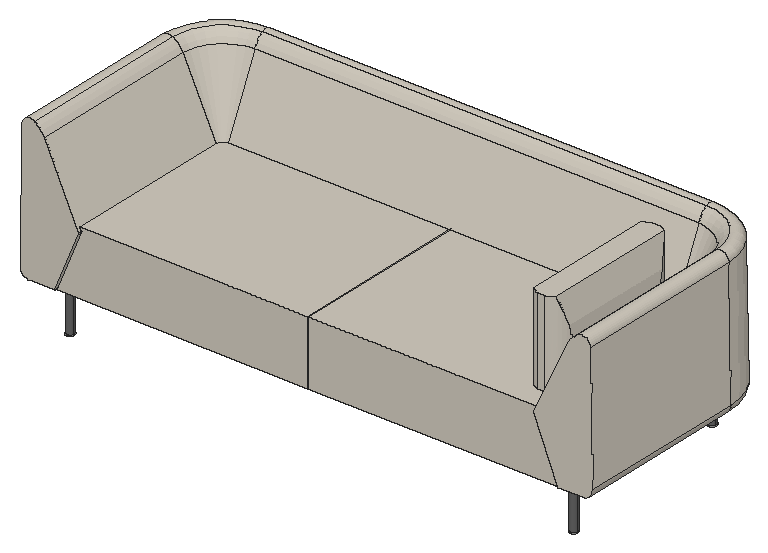
Revit family "FU_Sofa_Sandler_Odda 7-1", category Furniture, Revit 2022
Family settings
  OmniClass Number = 23.40.20.00
  OmniClass Title = General Furniture and Specialties
  Work Plane-Based = No
  Always vertical = Yes
  Cut with Voids When Loaded = No
  Render Appearance Source = Family Geometry
  Shared = No
  Room Calculation Point = No
Parameters (values of type "Odda 7.2")
  Width = 2000 mm
  URL = "https://www.sandlerseating.com/product/odda-7-2/"
  Seat [instance] = Leather - Sandler 199
  Model = "Odda 7.2"
  Manufacturer = "Sandler"
  Height = 680 mm
  Frame [instance] = Metal - Powdercoats - Ral 9005 Jet Black
  Description = "Two-seat sofa with triangular side panels."
  Depth = 830 mm
  Default Elevation = 0 mm
Reference planes
  plane 1 "Center (Front/Back)": y = 0
  plane 2: z = 0
  plane 3 "Center (Left/Right)": x = 0
  plane 4 "Right": x = -1000
  plane 5 "Left": x = 1000
  plane 6 "Back": y = 415
  plane 7 "Front": y = -415
  plane 8 "Height": z = 680
  plane 9 "Seat Height": z = 430
  plane 10 "FL RIGHT": y = -346.673
  plane 11 "BL RIGHT": y = 355.354
  plane 12 "Frame Base RIGHT": z = 131.773
  plane 13 "Seat Sweep FRONT": z = 375.38
Forms (mm)
  Extrusion 1, solid, material "Rubber, Black"
    sketch origin (0, 0, 0) x (1, 0, 0) y (0, 1, 0)
      loop
        circle (-881.467, -346.673) r 14.468
    from 0 to 2
  Extrusion 2, solid, material "Metal - Powdercoats - Ral 9005 Jet Black" <- "Frame"
    sketch origin (0, 0, 0) x (1, 0, 0) y (0, 1, 0)
      loop
        circle (-881.467, -346.673) r 12.5
    from 0 to 184
  Extrusion 3, solid, material "Rubber, Black"
    sketch origin (0, 0, 0) x (1, 0, 0) y (0, 1, 0)
      loop
        circle (-804.342, 355.354) r 14.5
    from 0 to 2
  Extrusion 4, solid, material "Metal - Powdercoats - Ral 9005 Jet Black" <- "Frame"
    sketch origin (0, 0, 0) x (1, 0, 0) y (0, 1, 0)
      loop
        circle (-804.342, 355.354) r 12.497
    from 0 to 184
  Extrusion 5, solid, material "Rubber, Black"
    sketch origin (0, 0, 0) x (-1, 0, 0) y (0, -1, 0)
      loop
        circle (-881.467, 346.673) r 14.468
    from 0 to 2
  Extrusion 6, solid, material "Metal - Powdercoats - Ral 9005 Jet Black" <- "Frame"
    sketch origin (0, 0, 0) x (-1, 0, 0) y (0, -1, 0)
      loop
        circle (-881.467, 346.673) r 12.5
    from 0 to 184
  Extrusion 7, solid, material "Rubber, Black"
    sketch origin (0, 0, 0) x (-1, 0, 0) y (0, -1, 0)
      loop
        circle (-804.342, -355.354) r 14.5
    from 0 to 2
  Extrusion 8, solid, material "Metal - Powdercoats - Ral 9005 Jet Black" <- "Frame"
    sketch origin (0, 0, 0) x (-1, 0, 0) y (0, -1, 0)
      loop
        circle (-804.342, -355.354) r 12.497
    from 0 to 184
  Extrusion 9, solid, material "Metal - Powdercoats - Ral 9005 Jet Black" <- "Frame"
    sketch origin (0, 0, 131.773) x (0, -1, 0) y (1, 0, 0)
      loop
        line (356.216, -881.484) -> (356.216, 881.484) -> (336.216, 881.484) -> (336.216, 814.075) -> (-355.354, 814.075) -> (-355.354, 794.079) -> (-283.779, 794.079) -> (-283.779, -794.079) -> (-355.354, -794.079) -> (-355.354, -814.075) -> (336.216, -814.075) -> (336.216, -881.484) -> (356.216, -881.484)
      loop
        line (-263.779, 794.079) -> (-263.779, -794.079) -> (336.216, -794.079) -> (336.216, 794.079) -> (-263.779, 794.079)
    from 0 to 42
  Sweep 10, solid, material "Leather - Sandler 199" <- "Seat"
    path origin (0, 0, 375.38) x (0, -1, 0) y (1, 0, 0)
      loop
        line (415, -795) -> (-189.609, -795)
        arc (-189.609, -795) -> (-202.337, -789.728) -> (-207.609, -777) r 18
        line (-207.609, -777) -> (-207.609, 777)
        arc (-207.609, 777) -> (-202.337, 789.728) -> (-189.609, 795) r 18
        line (-189.609, 795) -> (415, 795)
    profile "Pro_Odda_back : Pro_Odda_back" origin (-795, -112.696, 375.38) x (-1, 0, 0) y (0, 0, 1)
      loop
        arc (156.459, 295.085) -> (136.046, 278.751) -> (121.176, 257.247) r 90.17
        arc (121.176, 257.247) -> (56.587, 131.568) -> (0.361, 1.931) r 2158.33
        arc (0.361, 1.931) -> (0, 0) -> (0.386, -1.926) r 5.162
        line (0.386, -1.926) -> (84.301, -206.379)
        arc (84.301, -206.379) -> (85.405, -207.732) -> (87.076, -208.24) r 3
        line (87.076, -208.24) -> (172.361, -208.24)
        arc (172.361, -208.24) -> (195.993, -198.604) -> (206.149, -175.192) r 33.796
        arc (206.149, -175.192) -> (207.182, 47.818) -> (200.4, 270.728) r 6364.361
        arc (200.4, 270.728) -> (185.366, 295.42) -> (156.459, 295.085) r 29.206
  Extrusion 11, solid, material "Leather - Sandler 199" <- "Seat"
    sketch origin (0, 0, 0) x (0, 1, 0) y (0, 0, 1)
      loop
        line (-407.37, 164.5) -> (265.086, 164.5) -> (265.086, 390) -> (-407.853, 390)
        arc (-407.853, 390) -> (-412.263, 277.24) -> (-407.37, 164.5) r 1368.933
    from 0 to 895.22
  Extrusion 12, solid, material "Leather - Sandler 199" <- "Seat"
    sketch origin (0, 0, 0) x (0, 1, 0) y (0, 0, -1)
      loop
        arc (-407.37, -164.5) -> (-412.263, -277.24) -> (-407.853, -390) r 1368.933
        line (-407.853, -390) -> (265.086, -390) -> (265.086, -164.5) -> (-407.37, -164.5)
    from 0 to 895.22
Dimensions and locks
  equal spacing: plane 6 "Back", plane 1 "Center (Front/Back)", plane 7 "Front"
  "Depth": plane 6 "Back" to plane 7 "Front"
  equal spacing: plane 4 "Right", plane 3 "Center (Left/Right)", plane 5 "Left"
  "Width": plane 4 "Right" to plane 5 "Left"
  "Height": plane 8 "Height" to level
  aligned and locked: level to plane 2
Automatic sketch dimensions
  Extrusion 1 sketch curve to plane 10 "FL RIGHT" = 0 mm
  plane 4 "Right" to Extrusion 1 sketch curve = 118.533 mm
  Extrusion 2 sketch curve to plane 10 "FL RIGHT" = 0 mm
  plane 4 "Right" to Extrusion 2 sketch curve = 118.533 mm
  Extrusion 3 sketch curve to plane 11 "BL RIGHT" = 0 mm
  plane 4 "Right" to Extrusion 3 sketch curve = 195.658 mm
  Extrusion 4 sketch curve to plane 11 "BL RIGHT" = 0 mm
  plane 4 "Right" to Extrusion 4 sketch curve = 195.658 mm
  Extrusion 5 sketch curve to plane 10 "FL RIGHT" = 0 mm
  Extrusion 5 sketch curve to plane 5 "Left" = 118.533 mm
  Extrusion 6 sketch curve to plane 10 "FL RIGHT" = 0 mm
  Extrusion 6 sketch curve to plane 5 "Left" = 118.533 mm
  Extrusion 7 sketch curve to plane 11 "BL RIGHT" = 0 mm
  Extrusion 7 sketch curve to plane 5 "Left" = 195.658 mm
  Extrusion 8 sketch curve to plane 11 "BL RIGHT" = 0 mm
  Extrusion 8 sketch curve to plane 5 "Left" = 195.658 mm
  Extrusion 9 sketch curve to plane 11 "BL RIGHT" = 0 mm  (x2)
  Extrusion 9 sketch curve to Extrusion 9 sketch curve = 71.576 mm
  Extrusion 9 sketch curve to Extrusion 9 sketch curve = 20 mm
  plane 10 "FL RIGHT" to Extrusion 9 sketch curve = 10.457 mm  (x3)
  Extrusion 9 sketch curve to plane 10 "FL RIGHT" = 9.543 mm
  plane 4 "Right" to Extrusion 9 sketch curve = 118.516 mm
  Extrusion 9 sketch curve to Extrusion 9 sketch curve = 67.409 mm  (x2)
  Extrusion 9 sketch curve to Extrusion 9 sketch curve = 19.996 mm  (x2)
  Extrusion 9 sketch curve to Extrusion 9 sketch curve = 0 mm
  Extrusion 9 sketch curve to plane 5 "Left" = 205.921 mm  (x2)
  Sweep 10 sketch curve to plane 7 "Front" = 0 mm  (x2)
  Sweep 10 sketch curve to plane 11 "BL RIGHT" = 165.745 mm  (x2)
  Sweep 10 sketch curve to Sweep 10 sketch curve = 18 mm
  plane 4 "Right" to Sweep 10 sketch curve = 205 mm
  Sweep 10 sketch curve to plane 5 "Left" = 223 mm
  plane 7 "Front" to Extrusion 11 sketch curve = 7.147 mm
  plane 7 "Front" to Extrusion 11 sketch curve = 7.63 mm
  Extrusion 11 sketch curve to plane 13 "Seat Sweep FRONT" = 14.62 mm
  Extrusion 11 sketch curve to plane 11 "BL RIGHT" = 90.268 mm
  plane 13 "Seat Sweep FRONT" to Extrusion 11 sketch curve = 95.203 mm
  plane 6 "Back" to Extrusion 11 sketch curve = 541.667 mm
  plane 7 "Front" to Extrusion 12 sketch curve = 7.147 mm
  plane 7 "Front" to Extrusion 12 sketch curve = 7.63 mm
  Extrusion 12 sketch curve to plane 13 "Seat Sweep FRONT" = 14.62 mm
  Extrusion 12 sketch curve to plane 11 "BL RIGHT" = 90.268 mm
  plane 13 "Seat Sweep FRONT" to Extrusion 12 sketch curve = 95.203 mm
  plane 6 "Back" to Extrusion 12 sketch curve = 541.667 mm
  radius of Extrusion 1 sketch curve = 14.468 mm
  radius of Extrusion 2 sketch curve = 12.5 mm
  radius of Extrusion 3 sketch curve = 14.5 mm
  radius of Extrusion 4 sketch curve = 12.497 mm
  radius of Extrusion 5 sketch curve = 14.468 mm
  radius of Extrusion 6 sketch curve = 12.5 mm
  radius of Extrusion 7 sketch curve = 14.5 mm
  radius of Extrusion 8 sketch curve = 12.497 mm
Nested families
  nested 1: "Odda_Cushion" at (754.609, -79.525, -90), Cushion <- "Seat", type "Odda_Cushion"
    with Cushion Leather - Sandler 199
Definition of nested family "Odda_Cushion"
  Parameters (values of type "Odda_Cushion")
    Width = 793 mm
    Height = 1277.498 mm
    Depth = 777 mm
    Default Elevation = 0 mm
    Cushion [instance] = none
  Reference planes
    plane 1 "Center (Front/Back)": y = 0
    plane 2: z = 0
    plane 3 "Center (Left/Right)": x = 0
    plane 4 "Right": x = -396.5
    plane 5 "Left": x = 396.5
    plane 6 "Back": y = 388.5
    plane 7 "Front": y = -388.5
    plane 8 "Height": z = 1277.498
    plane 9 "Seat Height": z = 480
  Forms (mm)
    Extrusion 1, solid, material <- "Cushion"
      sketch origin (0, 0, 0) x (1, 0, 0) y (0, 0, 1)
        loop
          line (-62.5, 480) -> (62.5, 480) -> (62.5, 780) -> (-62.5, 780) -> (-62.5, 480)
      from -250 to 250
    Extrusion 2, void
      sketch origin (0, 0, 0) x (1, 0, 0) y (0, 0, 1)
        loop
          line (-27.832, 447.061) -> (27.832, 447.061)
          arc (27.832, 447.061) -> (62.5, 629.529) -> (28.175, 812.061) r 500
          line (28.175, 812.061) -> (-28.175, 812.061)
          arc (-28.175, 812.061) -> (-62.5, 629.529) -> (-27.832, 447.061) r 500
        loop
          line (80, 387.061) -> (80, 872.061) -> (-80, 872.061) -> (-80, 387.061) -> (80, 387.061)
      from -255 to 255
    Extrusion 3, void
      sketch origin (0, 0, 480) x (-1, 0, 0) y (0, -1, 0)
        loop
          line (-65, 171.5) -> (-65, -171.5)
          spline (-65, -171.5) -> (-62.785, -192.206) -> (-56.292, -211.5) -> (-45.962, -228.069) -> (-32.5, -240.782) -> (-16.823, -248.774) -> (0, -251.5) -> (16.823, -248.774) -> (32.5, -240.782) -> (45.962, -228.069) -> (56.292, -211.5) -> (62.785, -192.206) -> (65, -171.5)
          line (65, -171.5) -> (65, 171.5)
          spline (65, 171.5) -> (62.785, 192.206) -> (56.292, 211.5) -> (45.962, 228.069) -> (32.5, 240.782) -> (16.823, 248.774) -> (0, 251.5) -> (-16.823, 248.774) -> (-32.5, 240.782) -> (-45.962, 228.069) -> (-56.292, 211.5) -> (-62.785, 192.206) -> (-65, 171.5)
        loop
          line (80, -275) -> (80, 275) -> (-80, 275) -> (-80, -275) -> (80, -275)
      from -92.939 to 392.061
  Cuts and joins
    Extrusion 2, Extrusion 3 cuts Extrusion 1
  Dimensions and locks
    equal spacing: plane 6 "Back", plane 1 "Center (Front/Back)", plane 7 "Front"
    "Depth": plane 6 "Back" to plane 7 "Front"
    equal spacing: plane 4 "Right", plane 3 "Center (Left/Right)", plane 5 "Left"
    "Width": plane 4 "Right" to plane 5 "Left"
    "Height": plane 8 "Height" to level
    aligned and locked: level to plane 2
  Automatic sketch dimensions
    Extrusion 1 sketch curve to plane 9 "Seat Height" = 0 mm
    Extrusion 1 sketch curve to plane 3 "Center (Left/Right)" = 62.5 mm
    plane 3 "Center (Left/Right)" to Extrusion 1 sketch curve = 62.5 mm
    plane 9 "Seat Height" to Extrusion 1 sketch curve = 300 mm
    Extrusion 2 sketch curve to plane 4 "Right" = 41 mm
    Extrusion 2 sketch curve to plane 3 "Center (Left/Right)" = 80 mm
    Extrusion 2 sketch curve to plane 3 "Center (Left/Right)" = 28.175 mm
    Extrusion 2 sketch curve to plane 3 "Center (Left/Right)" = 27.832 mm
    plane 3 "Center (Left/Right)" to Extrusion 2 sketch curve = 27.832 mm
    plane 3 "Center (Left/Right)" to Extrusion 2 sketch curve = 28.175 mm
    Extrusion 2 sketch curve to Extrusion 2 sketch curve = 52.168 mm
    plane 5 "Left" to Extrusion 2 sketch curve = 41 mm
    Extrusion 2 sketch curve to plane 9 "Seat Height" = 92.939 mm
    Extrusion 2 sketch curve to plane 9 "Seat Height" = 32.939 mm
    plane 9 "Seat Height" to Extrusion 2 sketch curve = 150 mm
    Extrusion 2 sketch curve to Extrusion 2 sketch curve = 60 mm
    Extrusion 3 sketch curve to plane 3 "Center (Left/Right)" = 0 mm
    Extrusion 3 sketch curve to Extrusion 3 sketch curve = 65 mm
    plane 3 "Center (Left/Right)" to Extrusion 3 sketch curve = 80 mm
    Extrusion 3 sketch curve to plane 3 "Center (Left/Right)" = 80 mm
    Extrusion 3 sketch curve to plane 6 "Back" = 113.5 mm
    Extrusion 3 sketch curve to Extrusion 3 sketch curve = 103.5 mm  (x2)
    plane 1 "Center (Front/Back)" to Extrusion 3 sketch curve = 171.5 mm
